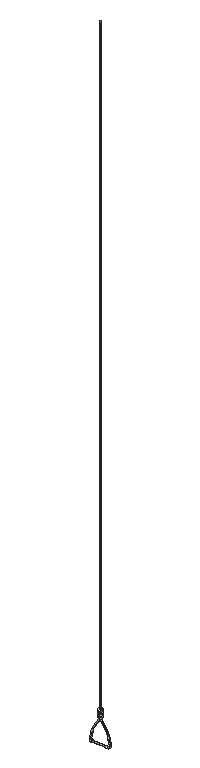
Revit family "Wire-HunterDouglas-84R", category Specialty Equipment, Revit 2013
Parameters (values of type "Parametric")
  ecoScorecard_data = "http://products.ecoscorecard.com/hunterdouglascontract/L84RL"
  ecoScorecard Product Page = "http://hunterdouglascontract.ecoscorecard.com/product/L84RL?base_search=product_category_A1035"
  Wire Hanger = Metal - Aluminum Frame - HunterDouglas - Painted White
  URL = "http://www.hunterdouglascontract.com/ceilings/index.jsp"
  Subcategory = "Metal – Linear"  # constant formula
  Product Line = "9-10 84R"  # constant formula
  Perforations = "http://www.hunterdouglascontract.com/ceilings/metalsystems/linear/84r/index.jsp?t=perfPage"
  Model = "9-10 84R Hanger_Wire"  # constant formula
  Manufacturer = "Hunter Douglas Luxalon Metal Ceilings"  # constant formula
  Hanger Wire Height [instance] = 3' - 0"
  Description = "Hanger_Wire"  # constant formula
  Color Finishes = "http://www.hunterdouglascontract.com/ceilings/metalsystems/linear/84r/index.jsp?t=colorPage"
  Assembly Code = "C3030200"
  95 CSI = "09510"  # constant formula
  04 CSI = "09 51 00"  # constant formula
Reference planes (in)
  plane 1 "Center (Front/Back)": y = 0
  plane 2: z = 0
  plane 3 "Center (Left/Right)": x = 0
  plane 4: x = -0.77248
  plane 5: x = 0.77248
  plane 6: z = 2.4375
  plane 7: z = 2.5
  plane 8: z = 36
Dimensions and locks (in)
  equal spacing: plane 4, plane 3 "Center (Left/Right)", plane 5
  plane 4 to plane 5 = 0' - 1.54495"
  locked: plane 6 to plane 7 at 0.0625
  locked: plane 6 to level at 2.4375
  "Hanger Wire Height": plane 8 to level
  aligned and locked: level to plane 2
  aligned and locked: plane 1 "Center (Front/Back)" to nested 1
  aligned and locked: plane 3 "Center (Left/Right)" to nested 1
Nested families (in)
  nested 1: "Wire" at (0, 0, 0), type "Parametric"
Definition of nested family "Wire"
  Parameters (values of type "Parametric")
    Wire Hanger = Metal - Aluminum Frame - HunterDouglas - Painted White
    URL = "http://www.hunterdouglascontract.com/ceilings/index.jsp"
    Subcategory = "Metal – Linear"  # constant formula
    Product Line = "9-10 84R"  # constant formula
    Model = "9-10 84R Hanger_Wire"  # constant formula
    Manufacturer = "Hunter Douglas Luxalon Metal Ceilings"  # constant formula
    HangerWire Length = 3' - 0"
    Description = "Hanger_Wire"  # constant formula
    Assembly Code = "C3030200"
    95 CSI = "09510"  # constant formula
    04 CSI = "09 51 00"  # constant formula
  Reference planes (in)
    plane 1 "Center (Front/Back)": y = 0
    plane 2: z = 0
    plane 3 "Center (Left/Right)": x = 0
    plane 4: x = -0.77248
    plane 5: x = 0.77248
    plane 6: z = 2.4375
    plane 7: z = 2.5
    plane 8: z = 36
  Forms (in)
    Sweep 1, solid, material "Metal - Aluminum Frame - HunterDouglas - Painted White" <- "Wire Hanger", detail levels fine
      path origin (0, 0, 0) x (1, 0, 0) y (0, 0, 1)
        loop
          line (0.03125, 36) -> (0.03125, 3.70793) -> (0.38236, 3.14135)
          arc (0.38236, 3.14135) -> (0.44435, 3.01623) -> (0.48166, 2.88166) r 0.73777
          line (0.48166, 2.88166) -> (0.5376, 2.56649)
          arc (0.5376, 2.56649) -> (0.51364, 2.47677) -> (0.42949, 2.4375) r 0.1098
          line (0.42949, 2.4375) -> (-0.42976, 2.4375)
          arc (-0.42976, 2.4375) -> (-0.51374, 2.47669) -> (-0.53765, 2.56622) r 0.10957
          line (-0.53765, 2.56622) -> (-0.48246, 2.87715)
          arc (-0.48246, 2.87715) -> (-0.44395, 3.01607) -> (-0.37995, 3.14524) r 0.76163
          line (-0.37995, 3.14524) -> (-0.0384, 3.69638)
      profile origin (-0.00014, 0, 2.4375) x (0, 0, -1) y (0, -1, 0)
        loop
          circle (-0.03125, 0) r 0.03125
    Revolve 2, solid, material "Metal - Aluminum Frame - HunterDouglas - Painted White" <- "Wire Hanger", detail levels fine
      sketch origin (-1.10243, 0, 0.17393) x (0.947216, 0, -0.320596) y (0.320596, 0, 0.947216)
        loop
          line (-0.19925, 4.08974) -> (-0.26999, 4.08974)
          arc (-0.26999, 4.08974) -> (-0.30124, 4.05849) -> (-0.26999, 4.02724) r 0.03125
          line (-0.26999, 4.02724) -> (-0.19925, 4.02724) -> (-0.19925, 4.08974)
        axis (-0.19925, 4.02724) -> (-0.19925, 4.08974)
      angle from 0 to 360
    Revolve 3, solid, material "Metal - Aluminum Frame - HunterDouglas - Painted White" <- "Wire Hanger", detail levels fine
      sketch origin (-1.10243, 0, 0.1083) x (0.947216, 0, -0.320596) y (0.320596, 0, 0.947216)
        loop
          line (-0.19925, 4.08974) -> (-0.26999, 4.08974)
          arc (-0.26999, 4.08974) -> (-0.30124, 4.05849) -> (-0.26999, 4.02724) r 0.03125
          line (-0.26999, 4.02724) -> (-0.19925, 4.02724) -> (-0.19925, 4.08974)
        axis (-0.19925, 4.02724) -> (-0.19925, 4.08974)
      angle from 0 to 360
    Revolve 4, solid, material "Metal - Aluminum Frame - HunterDouglas - Painted White" <- "Wire Hanger", detail levels fine
      sketch origin (-1.10243, 0, 0.04197) x (0.947216, 0, -0.320596) y (0.320596, 0, 0.947216)
        loop
          line (-0.19925, 4.08974) -> (-0.26999, 4.08974)
          arc (-0.26999, 4.08974) -> (-0.30124, 4.05849) -> (-0.26999, 4.02724) r 0.03125
          line (-0.26999, 4.02724) -> (-0.19925, 4.02724) -> (-0.19925, 4.08974)
        axis (-0.19925, 4.02724) -> (-0.19925, 4.08974)
      angle from 0 to 360
    Revolve 5, solid, material "Metal - Aluminum Frame - HunterDouglas - Painted White" <- "Wire Hanger", detail levels fine
      sketch origin (-1.10243, 0, -0.02402) x (0.947216, 0, -0.320596) y (0.320596, 0, 0.947216)
        loop
          line (-0.19925, 4.08974) -> (-0.26999, 4.08974)
          arc (-0.26999, 4.08974) -> (-0.30124, 4.05849) -> (-0.26999, 4.02724) r 0.03125
          line (-0.26999, 4.02724) -> (-0.19925, 4.02724) -> (-0.19925, 4.08974)
        axis (-0.19925, 4.02724) -> (-0.19925, 4.08974)
      angle from 0 to 360
    Revolve 6, solid, material "Metal - Aluminum Frame - HunterDouglas - Painted White" <- "Wire Hanger", detail levels fine
      sketch origin (-1.10243, 0, -0.09) x (0.947216, 0, -0.320596) y (0.320596, 0, 0.947216)
        loop
          line (-0.19925, 4.08974) -> (-0.26999, 4.08974)
          arc (-0.26999, 4.08974) -> (-0.30124, 4.05849) -> (-0.26999, 4.02724) r 0.03125
          line (-0.26999, 4.02724) -> (-0.19925, 4.02724) -> (-0.19925, 4.08974)
        axis (-0.19925, 4.02724) -> (-0.19925, 4.08974)
      angle from 0 to 360
    Revolve 7, solid, material "Metal - Aluminum Frame - HunterDouglas - Painted White" <- "Wire Hanger", detail levels fine
      sketch origin (-1.10243, 0, -0.15751) x (0.947216, 0, -0.320596) y (0.320596, 0, 0.947216)
        loop
          line (-0.19925, 4.08974) -> (-0.26999, 4.08974)
          arc (-0.26999, 4.08974) -> (-0.30124, 4.05849) -> (-0.26999, 4.02724) r 0.03125
          line (-0.26999, 4.02724) -> (-0.19925, 4.02724) -> (-0.19925, 4.08974)
        axis (-0.19925, 4.02724) -> (-0.19925, 4.08974)
      angle from 0 to 360
  Cuts and joins
    joined: Sweep 1, Revolve 3, Revolve 5, Revolve 7
  Lines and regions (in)
    model lines, style "Wire", detail levels coarse+medium
      curve 1: line (0, 0, 36) -> (0, 0, 2.5)
    symbolic lines, style "Wire", detail levels fine
      curve 2: line (-0.50903, 0.03125, 0) -> (-0.08588, 0.03125, 0)
      curve 3: line (0.50903, -0.03126, 0) -> (0.10541, -0.03126, 0)
      curve 4: arc (0.50903, 0.03125, 0) -> (0.54029, 0, 0) -> (0.50903, -0.03126, 0) r 0.03125
      curve 5: arc (-0.50903, 0.03125, 0) -> (-0.54029, 0, 0) -> (-0.50903, -0.03126, 0) r 0.03125
      curve 6: circle (0.00977, 0, 0) r 0.10062 normal (0, 0, 1)
      curve 7: circle (0, 0, 0) r 0.03125 normal (0, 0, 1)
      curve 8: line (0.10541, 0.03125, 0) -> (0.50903, 0.03125, 0)
      curve 9: line (-0.08587, -0.03126, 0) -> (-0.50903, -0.03126, 0)
      curve 43: line (-0.03122, 0, 36) -> (0.03122, 0, 36)
      curve 44: line (0.03122, 0, 36) -> (0.03122, 0, 4.1081)
      curve 45: line (-0.04684, 0, 4.13498) -> (0.08788, 0, 4.08859)
      curve 46: line (-0.07537, 0, 4.07858) -> (0.06749, 0, 4.02939)
      curve 47: arc (0.08788, 0, 4.08859) -> (0.10729, 0, 4.0488) -> (0.06749, 0, 4.02939) r 0.03131
      curve 48: arc (-0.04684, 0, 4.13498) -> (-0.08569, 0, 4.11922) -> (-0.07537, 0, 4.07858) r 0.0319
      curve 49: arc (0.08788, 0, 4.02237) -> (0.10784, 0, 3.98437) -> (0.0711, 0, 3.96216) r 0.03131
      curve 50: arc (-0.04684, 0, 4.06876) -> (-0.08551, 0, 4.05335) -> (-0.07602, 0, 4.01282) r 0.0319
      curve 51: line (-0.07602, 0, 4.01282) -> (0.0711, 0, 3.96216)
      curve 52: arc (0.08788, 0, 3.95615) -> (0.10784, 0, 3.91815) -> (0.0711, 0, 3.89594) r 0.03131
      curve 53: arc (-0.04684, 0, 4.00254) -> (-0.08551, 0, 3.98713) -> (-0.07602, 0, 3.9466) r 0.0319
      curve 54: line (-0.07602, 0, 3.9466) -> (0.0711, 0, 3.89594)
      curve 55: arc (0.08788, 0, 3.88993) -> (0.10784, 0, 3.85193) -> (0.0711, 0, 3.82972) r 0.03131
      curve 56: arc (-0.04684, 0, 3.93632) -> (-0.08551, 0, 3.92091) -> (-0.07602, 0, 3.88038) r 0.0319
      curve 57: line (-0.07602, 0, 3.88038) -> (0.0711, 0, 3.82972)
      curve 58: arc (0.08788, 0, 3.82371) -> (0.10784, 0, 3.78571) -> (0.0711, 0, 3.7635) r 0.03131
      curve 59: arc (-0.04684, 0, 3.8701) -> (-0.08551, 0, 3.85469) -> (-0.07602, 0, 3.81416) r 0.0319
      curve 60: line (-0.07602, 0, 3.81416) -> (0.0711, 0, 3.7635)
      curve 61: arc (0.08788, 0, 3.75749) -> (0.10784, 0, 3.71949) -> (0.0711, 0, 3.69728) r 0.03131
      curve 62: arc (-0.04684, 0, 3.80388) -> (-0.08551, 0, 3.78847) -> (-0.07602, 0, 3.74794) r 0.0319
      curve 63: line (-0.07602, 0, 3.74794) -> (0.0711, 0, 3.69728)
      curve 64: line (-0.0384, 0, 3.69638) -> (-0.37724, 0, 3.14961)
      curve 65: line (-0.53854, 0, 2.57083) -> (-0.47845, 0, 2.89346)
      curve 66: arc (-0.47845, 0, 2.89346) -> (-0.43931, 0, 3.02606) -> (-0.37724, 0, 3.14961) r 0.77561
      curve 67: arc (-0.53854, 0, 2.57083) -> (-0.5193, 0, 2.48393) -> (-0.44337, 0, 2.4375) r 0.11373
      curve 68: line (0.08629, 0, 3.61911) -> (-0.0384, 0, 3.69638)
      curve 69: spline (-0.02925, 0, 3.69071) -> (-0.02601, 0, 3.69164) -> (-0.02149, 0, 3.69294) -> (-0.01593, 0, 3.69453) -> (-0.00958, 0, 3.69634) -> (-0.00276, 0, 3.69828) -> (0.00419, 0, 3.70026) -> (0.01093, 0, 3.70218) -> (0.01714, 0, 3.70394) -> (0.02251, 0, 3.70547) -> (0.02678, 0, 3.70667) -> (0.02974, 0, 3.70751) -> (0.03125, 0, 3.70793)
      curve 70: line (0, 0, 3.6397) -> (-0.32412, 0, 3.11669)
      curve 71: arc (-0.41709, 0, 2.88159) -> (-0.3811, 0, 3.00329) -> (-0.32412, 0, 3.11669) r 0.71311
      curve 72: line (-0.4771, 0, 2.55939) -> (-0.41709, 0, 2.88159)
      curve 73: arc (-0.4771, 0, 2.55939) -> (-0.46843, 0, 2.52024) -> (-0.43423, 0, 2.49933) r 0.05123
      curve 74: line (0.03122, 0, 36) -> (-0.03122, 0, 36)
      curve 75: line (-0.03122, 0, 36) -> (-0.03122, 0, 4.1296)
      curve 76: line (0.02882, 0, 3.71184) -> (0.37724, 0, 3.14961)
      curve 77: line (0.53854, 0, 2.57083) -> (0.47845, 0, 2.89346)
      curve 78: arc (0.47845, 0, 2.89346) -> (0.43931, 0, 3.02606) -> (0.37724, 0, 3.14961) r 0.77561
      curve 79: arc (0.53854, 0, 2.57083) -> (0.5193, 0, 2.48393) -> (0.44337, 0, 2.4375) r 0.11373
      curve 80: arc (0.4771, 0, 2.55939) -> (0.46843, 0, 2.52024) -> (0.43423, 0, 2.49933) r 0.05123
      curve 81: line (0.4771, 0, 2.55939) -> (0.41709, 0, 2.88159)
      curve 82: arc (0.41709, 0, 2.88159) -> (0.3811, 0, 3.00329) -> (0.32412, 0, 3.11669) r 0.71311
      curve 83: line (0, 0, 3.6397) -> (0.32412, 0, 3.11669)
      curve 84: line (-0.43423, 0, 2.49933) -> (0.43423, 0, 2.49933)
      curve 85: line (0.44337, 0, 2.4375) -> (-0.44337, 0, 2.4375)
      curve 86: line (-0.03122, 0, 3.73252) -> (-0.03122, 0, 3.69194)
    symbolic lines, style "Wire"
      curve 10: line (0, 0.03125, 36) -> (0, -0.03125, 36)
      curve 11: line (0, 0.03125, 2.46831) -> (0, 0.03125, 3.69854)
      curve 12: line (0, -0.03125, 36) -> (0, -0.03125, 4.05165)
      curve 13: arc (0, -0.08474, 4.0503) -> (0, -0.10167, 4.01557) -> (0, -0.08145, 3.98266) r 0.04011
      curve 14: arc (0, -0.08145, 3.98266) -> (0, -0.04212, 3.96692) -> (0, 0, 3.96236) r 0.15569
      curve 15: arc (0, 0.08474, 4.0503) -> (0, 0.10167, 4.01557) -> (0, 0.08145, 3.98266) r 0.04011
      curve 16: arc (0, 0.08145, 3.98266) -> (0, 0.04212, 3.96692) -> (0, 0, 3.96236) r 0.15569
      curve 17: arc (0, 0.03125, 4.05165) -> (0, 0, 4.04216) -> (0, -0.03125, 4.05165) r 0.05621
      curve 18: arc (0, -0.08169, 3.9828) -> (0, -0.10172, 3.94794) -> (0, -0.08145, 3.91321) r 0.04011
      curve 19: arc (0, -0.08145, 3.91321) -> (0, -0.04212, 3.89747) -> (0, 0, 3.89291) r 0.15569
      curve 20: arc (0, 0.08169, 3.9828) -> (0, 0.10172, 3.94794) -> (0, 0.08145, 3.91321) r 0.04011
      curve 21: arc (0, 0.08145, 3.91321) -> (0, 0.04212, 3.89747) -> (0, 0, 3.89291) r 0.15569
      curve 22: arc (0, -0.08474, 3.91531) -> (0, -0.10167, 3.88058) -> (0, -0.08145, 3.84767) r 0.04011
      curve 23: arc (0, -0.08145, 3.84767) -> (0, -0.04212, 3.83193) -> (0, 0, 3.82736) r 0.15569
      curve 24: arc (0, 0.08474, 3.91531) -> (0, 0.10167, 3.88058) -> (0, 0.08145, 3.84767) r 0.04011
      curve 25: arc (0, 0.08145, 3.84767) -> (0, 0.04212, 3.83193) -> (0, 0, 3.82736) r 0.15569
      curve 26: arc (0, -0.08474, 3.84977) -> (0, -0.10167, 3.81504) -> (0, -0.08145, 3.78213) r 0.04011
      curve 27: arc (0, -0.08145, 3.78213) -> (0, -0.04212, 3.76638) -> (0, 0, 3.76182) r 0.15569
      curve 28: arc (0, 0.08474, 3.84977) -> (0, 0.10167, 3.81504) -> (0, 0.08145, 3.78213) r 0.04011
      curve 29: arc (0, 0.08145, 3.78213) -> (0, 0.04212, 3.76638) -> (0, 0, 3.76182) r 0.15569
      curve 30: arc (0, -0.08474, 3.78422) -> (0, -0.10167, 3.7495) -> (0, -0.08145, 3.71659) r 0.04011
      curve 31: arc (0, -0.08145, 3.71659) -> (0, -0.04212, 3.70084) -> (0, 0, 3.69628) r 0.15569
      curve 32: arc (0, 0.08474, 3.78422) -> (0, 0.10167, 3.7495) -> (0, 0.08145, 3.71659) r 0.04011
      curve 33: arc (0, 0.08145, 3.71659) -> (0, 0.04212, 3.70084) -> (0, 0, 3.69628) r 0.15569
      curve 34: line (0, 0.03125, 4.05165) -> (0, 0.03125, 36)
      curve 35: line (0, -0.03125, 3.69854) -> (0, -0.03125, 2.46831)
      curve 36: arc (0, -0.03125, 2.46831) -> (0, 0, 2.43706) -> (0, 0.03125, 2.46831) r 0.03125
      curve 37: arc (0, -0.08474, 4.11584) -> (0, -0.10167, 4.08112) -> (0, -0.08145, 4.0482) r 0.04011
      curve 38: arc (0, -0.08145, 4.0482) -> (0, -0.04212, 4.03246) -> (0, 0, 4.0279) r 0.15569
      curve 39: arc (0, 0.08474, 4.11584) -> (0, 0.10167, 4.08112) -> (0, 0.08145, 4.0482) r 0.04011
      curve 40: arc (0, 0.08145, 4.0482) -> (0, 0.04212, 4.03246) -> (0, 0, 4.0279) r 0.15569
      curve 41: arc (0, -0.08474, 4.11584) -> (0, -0.05931, 4.12919) -> (0, -0.03125, 4.13531) r 0.10721
      curve 42: arc (0, 0.08474, 4.11584) -> (0, 0.05931, 4.12919) -> (0, 0.03125, 4.13531) r 0.10721
  Dimensions and locks (in)
    equal spacing: plane 4, plane 3 "Center (Left/Right)", plane 5
    plane 4 to plane 5 = 0' - 1.54495"
    locked: plane 6 to plane 7 at 0.0625
    locked: plane 6 to level at 2.4375
    "HangerWire Length": plane 8 to level
    aligned and locked: level to plane 2
    aligned and locked: Sweep 1 sketch curve to plane 6
    aligned and locked: plane 8 to Sweep 1 sketch curve
    aligned and locked: curve 1 to plane 3 "Center (Left/Right)"
    aligned and locked: plane 7 to curve 1
    aligned and locked: plane 8 to curve 1
    aligned and locked: curve 7 to cut or joined group of Sweep 1, Revolve 3, Revolve 5, Revolve 7
    aligned and locked: curve 68 to cut or joined group of Sweep 1, Revolve 3, Revolve 5, Revolve 7
  Automatic sketch dimensions
    Sweep 1 sketch curve to plane 1 "Center (Front/Back)" = 0' - 0"
    profile plane to Sweep 1 sketch curve = 0' - 0 1/32"
    Revolve 2 sketch curve to plane 3 "Center (Left/Right)" = 0' - 0.06706"
    Revolve 2 sketch curve to Revolve 2 sketch curve = 0' - 0.07074"
    Revolve 2 sketch curve to Revolve 2 sketch curve = 0' - 0"  (x2)
    Revolve 2 sketch curve to Revolve 2 sketch curve = 0' - 0 1/32"
    Revolve 2 sketch curve to Revolve 2 sketch curve = 0' - 0.02781"
    Revolve 3 sketch curve to plane 3 "Center (Left/Right)" = 0' - 0.06706"
    Revolve 3 sketch curve to Revolve 3 sketch curve = 0' - 0.07074"
    Revolve 3 sketch curve to Revolve 3 sketch curve = 0' - 0"  (x2)
    Revolve 3 sketch curve to Revolve 3 sketch curve = 0' - 0 1/32"
    Revolve 3 sketch curve to Revolve 3 sketch curve = 0' - 0.02781"
    Revolve 4 sketch curve to plane 3 "Center (Left/Right)" = 0' - 0.06706"
    Revolve 4 sketch curve to Revolve 4 sketch curve = 0' - 0.07074"
    Revolve 4 sketch curve to Revolve 4 sketch curve = 0' - 0"  (x2)
    Revolve 4 sketch curve to Revolve 4 sketch curve = 0' - 0 1/32"
    Revolve 4 sketch curve to Revolve 4 sketch curve = 0' - 0.02781"
    Revolve 5 sketch curve to plane 3 "Center (Left/Right)" = 0' - 0.06706"
    Revolve 5 sketch curve to Revolve 5 sketch curve = 0' - 0.07074"
    Revolve 5 sketch curve to Revolve 5 sketch curve = 0' - 0"  (x2)
    Revolve 5 sketch curve to Revolve 5 sketch curve = 0' - 0 1/32"
    Revolve 5 sketch curve to Revolve 5 sketch curve = 0' - 0.02781"
    Revolve 6 sketch curve to plane 3 "Center (Left/Right)" = 0' - 0.06706"
    Revolve 6 sketch curve to Revolve 6 sketch curve = 0' - 0.07074"
    Revolve 6 sketch curve to Revolve 6 sketch curve = 0' - 0"  (x2)
    Revolve 6 sketch curve to Revolve 6 sketch curve = 0' - 0 1/32"
    Revolve 6 sketch curve to Revolve 6 sketch curve = 0' - 0.02781"
    Revolve 7 sketch curve to plane 3 "Center (Left/Right)" = 0' - 0.06706"
    Revolve 7 sketch curve to Revolve 7 sketch curve = 0' - 0.07074"
    Revolve 7 sketch curve to Revolve 7 sketch curve = 0' - 0"  (x2)
    Revolve 7 sketch curve to Revolve 7 sketch curve = 0' - 0 1/32"
    Revolve 7 sketch curve to Revolve 7 sketch curve = 0' - 0.02781"
    plane 7 to Sweep 1 sketch curve = 0' - 0.06622"
    Sweep 1 sketch curve to plane 4 = 0' - 0.23483"
    Sweep 1 sketch curve to plane 4 = 0' - 0.29002"
    Sweep 1 sketch curve to Sweep 1 sketch curve = 0' - 0.10788"
    Sweep 1 sketch curve to Sweep 1 sketch curve = 0' - 0.10251"
    Sweep 1 sketch curve to plane 3 "Center (Left/Right)" = 0' - 0.24476"
    Sweep 1 sketch curve to plane 3 "Center (Left/Right)" = 0' - 0.0384"
    plane 3 "Center (Left/Right)" to Sweep 1 sketch curve = 0' - 0 1/32"
    plane 3 "Center (Left/Right)" to Sweep 1 sketch curve = 0' - 0.26745"
    plane 3 "Center (Left/Right)" to Sweep 1 sketch curve = 0' - 0.38236"
    Sweep 1 sketch curve to plane 5 = 0' - 0.34298"
    Sweep 1 sketch curve to Sweep 1 sketch curve = 0' - 0.21421"
    plane 7 to Sweep 1 sketch curve = 0' - 0.06649"
    Sweep 1 sketch curve to Sweep 1 sketch curve = 0' - 0.10811"
    plane 7 to Sweep 1 sketch curve = 0' - 0.24405"
    plane 7 to Sweep 1 sketch curve = 0' - 0.25273"
    Sweep 1 sketch curve to Sweep 1 sketch curve = 0' - 0.12442"
    Sweep 1 sketch curve to Sweep 1 sketch curve = 0' - 0.13761"
    Sweep 1 sketch curve to Sweep 1 sketch curve = 0' - 0.55114"
    Sweep 1 sketch curve to Sweep 1 sketch curve = 0' - 0.01154"
    plane 7 to Revolve 2 sketch curve = 0' - 1.57516"
    plane 7 to Revolve 3 sketch curve = 0' - 1.50953"
    plane 7 to Revolve 4 sketch curve = 0' - 1.44319"
    plane 7 to Revolve 5 sketch curve = 0' - 1.37721"
    plane 7 to Revolve 6 sketch curve = 0' - 1.31123"
    plane 7 to Revolve 7 sketch curve = 0' - 1.24371"
    plane 1 "Center (Front/Back)" to curve 6 = 0' - 0"
    curve 2 to plane 1 "Center (Front/Back)" = 0' - 0 1/32"
    curve 2 to plane 4 = 0' - 0.26344"
    plane 3 "Center (Left/Right)" to curve 6 = 0' - 0.00977"
    plane 1 "Center (Front/Back)" to curve 3 = 0' - 0 1/32"
    curve 3 to plane 5 = 0' - 0.26344"
    plane 3 "Center (Left/Right)" to curve 8 = 0' - 0.10541"
    plane 1 "Center (Front/Back)" to curve 4 = 0' - 0"
    plane 1 "Center (Front/Back)" to curve 5 = 0' - 0 1/32"
    curve 12 to plane 8 = 0' - 0"
    curve 17 to plane 1 "Center (Front/Back)" = 0' - 0"
    curve 25 to plane 1 "Center (Front/Back)" = 0' - 0"
    curve 21 to plane 1 "Center (Front/Back)" = 0' - 0"
    curve 33 to plane 1 "Center (Front/Back)" = 0' - 0"
    curve 38 to plane 1 "Center (Front/Back)" = 0' - 0"
    curve 36 to plane 1 "Center (Front/Back)" = 0' - 0"
    curve 14 to plane 1 "Center (Front/Back)" = 0' - 0"
    curve 27 to plane 1 "Center (Front/Back)" = 0' - 0"
    plane 1 "Center (Front/Back)" to curve 19 = 0' - 0.00445"
    plane 1 "Center (Front/Back)" to curve 23 = 0' - 0.00445"
    plane 1 "Center (Front/Back)" to curve 14 = 0' - 0.00445"
    plane 1 "Center (Front/Back)" to curve 27 = 0' - 0.00445"
    plane 1 "Center (Front/Back)" to curve 38 = 0' - 0.00445"
    plane 1 "Center (Front/Back)" to curve 31 = 0' - 0.00445"
    plane 1 "Center (Front/Back)" to curve 41 = 0' - 0.02264"
    plane 1 "Center (Front/Back)" to curve 10 = 0' - 0 1/32"
    curve 36 to curve 36 = 0' - 0 1/32"
    curve 30 to curve 35 = 0' - 0.03036"
    plane 1 "Center (Front/Back)" to curve 26 = 0' - 0.06161"
    curve 13 to curve 41 = 0' - 0.03896"
    plane 1 "Center (Front/Back)" to curve 22 = 0' - 0.06161"
    curve 27 to curve 30 = 0' - 0.01984"
    curve 18 to curve 22 = 0' - 0.01984"
    curve 30 to curve 30 = 0' - 0.01984"
    curve 26 to curve 27 = 0' - 0"
    curve 38 to curve 13 = 0' - 0.01984"
    curve 37 to curve 38 = 0' - 0"
    curve 19 to curve 18 = 0' - 0"
    curve 31 to curve 30 = 0' - 0"
    curve 22 to curve 26 = 0' - 0.01984"
    curve 13 to curve 18 = 0' - 0.01984"
    curve 14 to curve 13 = 0' - 0"
    curve 23 to curve 22 = 0' - 0"
    curve 18 to curve 13 = 0' - 0.00025"
    curve 30 to curve 26 = 0' - 0.0033"
    curve 13 to curve 38 = 0' - 0.0033"
    curve 22 to curve 19 = 0' - 0.0033"
    curve 41 to curve 37 = 0' - 0.02313"
    curve 26 to curve 22 = 0' - 0.0033"
    curve 25 to plane 1 "Center (Front/Back)" = 0' - 0.00445"
    curve 29 to plane 1 "Center (Front/Back)" = 0' - 0.00445"
    curve 40 to plane 1 "Center (Front/Back)" = 0' - 0.00445"
    curve 16 to plane 1 "Center (Front/Back)" = 0' - 0.00445"
    curve 33 to plane 1 "Center (Front/Back)" = 0' - 0.00445"
    curve 21 to plane 1 "Center (Front/Back)" = 0' - 0.00445"
    curve 42 to plane 1 "Center (Front/Back)" = 0' - 0.02264"
    curve 10 to plane 1 "Center (Front/Back)" = 0' - 0 1/32"
    curve 24 to plane 1 "Center (Front/Back)" = 0' - 0.06161"
    curve 42 to curve 15 = 0' - 0.03896"
    curve 11 to curve 32 = 0' - 0.03036"
    curve 28 to plane 1 "Center (Front/Back)" = 0' - 0.06161"
    curve 20 to curve 16 = 0' - 0.01984"
    curve 32 to curve 28 = 0' - 0.01984"
    curve 28 to curve 25 = 0' - 0.01984"
    curve 24 to curve 25 = 0' - 0"
    curve 29 to curve 28 = 0' - 0"
    curve 32 to curve 32 = 0' - 0.01984"
    curve 24 to curve 21 = 0' - 0.01984"
    curve 20 to curve 21 = 0' - 0"
    curve 15 to curve 16 = 0' - 0"
    curve 15 to curve 40 = 0' - 0.01984"
    curve 39 to curve 40 = 0' - 0"
    curve 33 to curve 32 = 0' - 0"
    curve 16 to curve 20 = 0' - 0.00025"
    curve 39 to curve 39 = 0' - 0.02313"
    curve 28 to curve 32 = 0' - 0.0033"
    curve 25 to curve 28 = 0' - 0.0033"
    curve 20 to curve 24 = 0' - 0.0033"
    plane 7 to curve 40 = 0' - 1.68352"
    curve 38 to curve 40 = 0' - 0"
    curve 42 to curve 40 = 0' - 0.04821"
    curve 41 to curve 38 = 0' - 0.04821"
    curve 41 to curve 41 = 0' - 0.01947"
    curve 14 to curve 41 = 0' - 0.01733"
    curve 14 to curve 16 = 0' - 0"
    curve 17 to curve 14 = 0' - 0.01961"
    curve 38 to curve 21 = 0' - 0.02063"
    curve 19 to curve 21 = 0' - 0"
    curve 16 to curve 25 = 0' - 0.02063"
    curve 23 to curve 25 = 0' - 0"
    curve 16 to curve 20 = 0' - 0.00014"
    curve 19 to curve 29 = 0' - 0.02454"
    curve 27 to curve 29 = 0' - 0"
    curve 20 to curve 24 = 0' - 0.00209"
    curve 25 to curve 33 = 0' - 0.02454"
    curve 31 to curve 33 = 0' - 0"
    curve 22 to curve 26 = 0' - 0.00209"
    curve 28 to curve 32 = 0' - 0.00209"
    curve 36 to plane 6 = 0' - 0.03081"
    curve 37 to curve 41 = 0' - 0.05349"
    curve 18 to curve 13 = 0' - 0.02008"
    curve 39 to curve 39 = 0' - 0.01984"
    curve 20 to curve 24 = 0' - 0.02313"
    curve 39 to curve 15 = 0' - 0.0033"
    curve 31 to curve 38 = 0' - 0.33162"
    curve 41 to curve 12 = 0' - 0.0232"
    curve 66 to curve 71 = 0' - 0"  (x2)
    curve 67 to curve 73 = 0' - 0"  (x2)
    curve 78 to curve 82 = 0' - 0"  (x2)
    curve 79 to curve 80 = 0' - 0"  (x2)
    curve 67 to plane 6 = 0' - 0"
    curve 74 to plane 8 = 0' - 0"
    curve 83 to plane 3 "Center (Left/Right)" = 0' - 0"
    curve 69 to plane 3 "Center (Left/Right)" = 0' - 0.02925"
    curve 86 to curve 69 = 0' - 0.00197"
    curve 75 to plane 3 "Center (Left/Right)" = 0' - 0.03122"
    curve 69 to curve 86 = 0' - 0.00021"
    curve 64 to curve 86 = 0' - 0.00718"
    curve 62 to plane 3 "Center (Left/Right)" = 0' - 0.04684"
    curve 48 to curve 75 = 0' - 0 1/64"
    curve 59 to plane 3 "Center (Left/Right)" = 0' - 0.04684"
    curve 53 to plane 3 "Center (Left/Right)" = 0' - 0.04684"
    curve 56 to plane 3 "Center (Left/Right)" = 0' - 0.04684"
    curve 50 to plane 3 "Center (Left/Right)" = 0' - 0.04684"
    curve 59 to curve 59 = 0' - 0.01039"
    curve 50 to curve 50 = 0' - 0.01039"
    curve 48 to curve 48 = 0' - 0.01039"
    curve 62 to curve 62 = 0' - 0.01039"
    curve 56 to curve 56 = 0' - 0.01039"
    curve 53 to curve 53 = 0' - 0.01039"
    curve 46 to curve 50 = 0' - 0.02853"
    curve 59 to curve 62 = 0' - 0.02918"
    curve 54 to curve 56 = 0' - 0.02918"
    curve 63 to curve 62 = 0' - 0.01879"
    curve 56 to curve 59 = 0' - 0.02918"
    curve 50 to curve 53 = 0' - 0.02918"
    curve 70 to plane 3 "Center (Left/Right)" = 0' - 0.32412"
    curve 64 to curve 71 = 0' - 0.05313"
    curve 71 to curve 78 = 0' - 0.13505"
    plane 7 to curve 73 = 0' - 0.05001"
    curve 73 to curve 78 = 0' - 0.14469"
    curve 73 to plane 7 = 0' - 0.00067"
    curve 73 to curve 67 = 0' - 0.0075"
    curve 85 to curve 84 = 0' - 0.00915"
    curve 73 to curve 67 = 0' - 0.05037"
    curve 65 to curve 71 = 0' - 0.06136"
    plane 7 to curve 65 = 0' - 0.07083"
    plane 3 "Center (Left/Right)" to curve 69 = 0' - 0"
    plane 3 "Center (Left/Right)" to curve 76 = 0' - 0.02882"
    plane 3 "Center (Left/Right)" to curve 43 = 0' - 0.03122"
    curve 76 to curve 69 = 0' - 0.00243"
    plane 3 "Center (Left/Right)" to curve 47 = 0' - 0.06749"
    curve 69 to curve 63 = 0' - 0.03985"
    curve 58 to curve 63 = 0' - 0"
    curve 47 to curve 49 = 0' - 0.00361"
    curve 55 to curve 60 = 0' - 0"
    curve 51 to curve 54 = 0' - 0"
    curve 63 to curve 61 = 0' - 0.00658"
    curve 57 to curve 55 = 0' - 0.00658"
    curve 46 to curve 47 = 0' - 0.01019"
    curve 49 to curve 49 = 0' - 0.00658"
    curve 60 to curve 58 = 0' - 0.00658"
    curve 54 to curve 52 = 0' - 0.00658"
    curve 61 to curve 68 = 0' - 0.01519"
    curve 47 to curve 49 = 0' - 0.02038"
    curve 58 to curve 61 = 0' - 0.01678"
    curve 51 to curve 52 = 0' - 0.01678"
    curve 55 to curve 58 = 0' - 0.01678"
    curve 47 to curve 47 = 0' - 0.01019"
    curve 52 to curve 55 = 0' - 0.01678"
    plane 3 "Center (Left/Right)" to curve 71 = 0' - 0.28204"
    plane 3 "Center (Left/Right)" to curve 83 = 0' - 0.32412"
    curve 83 to curve 76 = 0' - 0.05313"
    curve 66 to curve 81 = 0' - 0.13505"
    plane 7 to curve 80 = 0' - 0.05001"
    curve 66 to curve 80 = 0' - 0.14469"
    curve 79 to curve 80 = 0' - 0.0075"
    curve 84 to curve 79 = 0' - 0.00915"
    curve 79 to curve 80 = 0' - 0.05037"
    curve 81 to curve 78 = 0' - 0.06136"
    curve 80 to curve 79 = 0' - 0.06144"
    curve 79 to curve 71 = 0' - 0.19104"
    curve 67 to curve 82 = 0' - 0.19104"
    curve 66 to curve 81 = 0' - 0.14054"
    curve 71 to curve 65 = 0' - 0.01187"
    curve 81 to curve 78 = 0' - 0.01187"
    curve 83 to curve 69 = 0' - 0.05101"
    curve 69 to curve 86 = 0' - 0.00186"
    curve 63 to curve 69 = 0' - 0.01064"
    curve 63 to curve 61 = 0' - 0.03061"
    curve 64 to curve 86 = 0' - 0.03613"
    curve 61 to curve 58 = 0' - 0.00601"
    curve 62 to curve 62 = 0' - 0.02577"
    curve 60 to curve 58 = 0' - 0.03061"
    curve 62 to curve 60 = 0' - 0.01028"
    curve 58 to curve 57 = 0' - 0.00601"
    curve 60 to curve 59 = 0' - 0.02577"
    curve 57 to curve 55 = 0' - 0.03061"
    curve 59 to curve 57 = 0' - 0.01028"
    curve 55 to curve 54 = 0' - 0.00601"
    curve 56 to curve 56 = 0' - 0.02577"
    curve 54 to curve 52 = 0' - 0.03061"
    curve 56 to curve 53 = 0' - 0.01028"
    curve 52 to curve 49 = 0' - 0.00601"
    curve 53 to curve 53 = 0' - 0.02577"
    curve 49 to curve 49 = 0' - 0.03061"
    curve 53 to curve 51 = 0' - 0.01028"
    curve 49 to curve 47 = 0' - 0.00702"
    curve 51 to curve 50 = 0' - 0.02577"
    curve 46 to curve 47 = 0' - 0.0296"
    curve 46 to curve 48 = 0' - 0.02623"
    radius of Sweep 1 sketch curve = 0' - 0 1/32"
